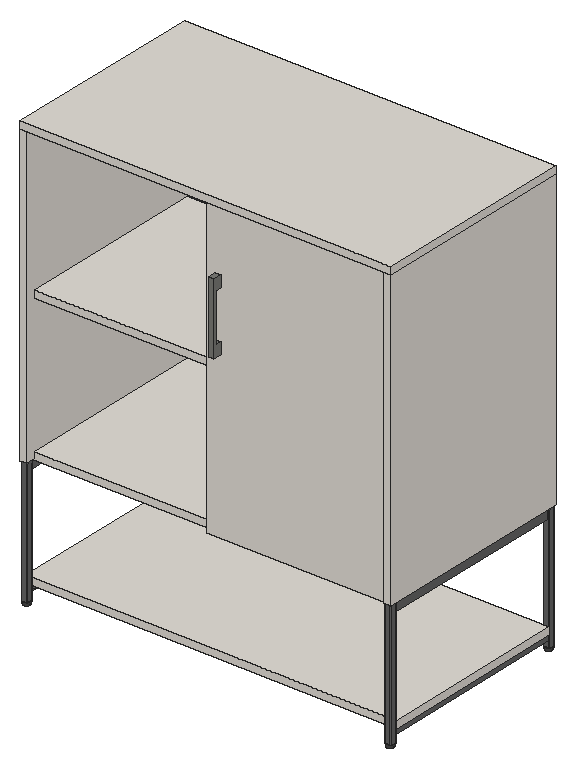
Revit family "Storage-Teknion-LWBOM_Byward_Open_Medium_Tower-R2022", category Furniture, Revit 2022
Family settings
  OmniClass Number = 23.40.20.00
  OmniClass Title = General Furniture and Specialties
  Work Plane-Based = No
  Always vertical = Yes
  Cut with Voids When Loaded = No
  Render Appearance Source = Family Geometry
  Shared = Yes
  Room Calculation Point = No
Parameters (values of type "Left Open, Right Closed")
  Right Rectangular Pull Handle [instance] = and(Right Door Visibility, Rectangular Pull Handle)  # yes
  Right Modern Straight (ADA) Handle [instance] = and(Right Door Visibility, [Modern Straight (ADA) Handle])  # no
  Right Journal Pull Handle [instance] = and(Right Door Visibility, Journal Pull Handle)  # no
  Right Byward Tab Handle [instance] = and(Right Door Visibility, Byward Tab Handle)  # no
  Right Byward Pull Handle [instance] = and(Right Door Visibility, Byward Pull Handle)  # no
  Rectangular Pull Handle [instance] = yes
  Width [instance] = 36.000"
  Warranty = "http://www.teknion.com/ca/papers/legal-canada"
  Unit Weight URL = "http://www.teknion.com/ca/tools/assets#&asset=bee6a381-b954-425e-8283-5a2de3a804f2,f828d448-4b62-4231-9e5f-9a8991c0ed77"
  URL = "www.teknion.com"
  To render please download texture images found here [instance] = "https://assets.teknion.com/web/5e81352c1dfdb467/revit-material-swatches/"
  Sustainability Data = "https://www.teknion.com/ca/tools/assets#&topic=216f99a5-57a0-44fc-b10a-9dee9b29ae4c&asset=444deb64-fe58-4b68-981e-f75e97781df7,b4ff2d81-9f2e-437d-9659-7cffb09c31cf"
  Series = "Byward"  # constant formula
  Right Door Visibility = yes
  Right Door Single Handle = yes
  Right Door Double Handle = yes
  Right Divider Visibility [instance] = yes
  Product Page URL = "https://www.teknion.com/ca/products/all-products"
  Product Line = "Byward"  # constant formula
  Product Documentation Link = "https://www.teknion.com/pricing/byward/pdfs/Byward_Reference_Guide.pdf"
  Part Number = "LWBOM"  # constant formula
  OC = yes
  Modern Straight (ADA) Handle [instance] = no
  Model = "LWBOMOC42_____"
  Metal Leg  & Handle Finish [instance] = Paint - Teknion - Mica - Anthracite
  Manufacturer Phone = "416-661-3370"  # constant formula
  Manufacturer Fax = "416.661.4586"  # constant formula
  Manufacturer Contact Information = "http://www.teknion.com/ca/contactus"
  Manufacturer Address = "1150 Flint Road, Toronto, ON. M3J 2J5. Canada"  # constant formula
  Manufacturer = "Teknion"  # constant formula
  Left Rectangular Pull Handle [instance] = and(Left Door Visibility, Rectangular Pull Handle)  # no
  Left Modern Straight (ADA) Handle [instance] = and(Left Door Visibility, [Modern Straight (ADA) Handle])  # no
  Left Journal Pull Handle [instance] = and(Left Door Visibility, Journal Pull Handle)  # no
  Left Door Visibility = no
  Left Door Single Handle = no
  Left Door Double Handle = no
  Left Divider Visibility [instance] = yes
  Left Byward Tab Handle [instance] = and(Left Door Visibility, Byward Tab Handle)  # no
  Left Byward Pull Handle [instance] = and(Left Door Visibility, Byward Pull Handle)  # no
  Journal Pull Handle [instance] = no
  How To Use Teknion Materials User Guide [instance] = "https://assets.teknion.com/m/205dd0a49fa58060/original/How-to-add-a-Material-Library-and-Texture-Images-to-your-Revit-project.pdf"
  Handle Leather Finish [instance] = Leather-Teknion-B72-Black
  Handle Finish Note [instance] = "If Natural Leather is specified for the Handle Leather Finish, choose Anthracite for the Handle Paint Finish. If Black Leather is specified for the Handle Leather Finish, choose Titanium Grey for the Handle Paint Finish."  # constant formula
  Handle Dim 2 [instance] = if(and(OC, Width = 42.000"), 26.176", if(Width = 42.000", 12.674", if(Width = 36.000", 16.425", if(Width = 30.000", 13.425", 13.425"))))  # 16.425"
  Handle Dim 1 [instance] = if(and(CO, Width = 42.000"), 26.109", if(Width = 42.000", 12.674", if(Width = 36.000", 16.425", if(Width = 30.000", 13.425", 13.425"))))  # 16.425"
  For Additional Finishes please visit [instance] = "https://assets.teknion.com/m/44a8009b046e5d47/original/Teknion_Materials_Library.zip"
  Door Width [instance] = if(Width = 30.000", 14.941", if(Width = 36.000", 17.941", if(Width = 42.000", 14.196", 14.196")))  # 17.941"
  Description = "Byward Open Medium Tower, Left Open, Right Closed"
  Depth [instance] = 20.000"
  Default Elevation = 0.000"
  Case Finish [instance] = Source Laminate - Teknion - XS - Storm White
  CO = no
  Byward Tab Handle [instance] = no
  Byward Pull Handle [instance] = no
  Available Widths [instance] = "30 & 36 inches"  # constant formula
  Available Handle Type [instance] = "Select any Handle Style"  # constant formula
  Available Depth [instance] = "14, 16, 18 & 20 inches"  # constant formula
  Assembly Code = "E2020200"
Reference planes (in)
  plane 1 "Center Front/Back": y = 3.51268
  plane 2: z = 0
  plane 3 "Center Left/Right": x = -0.77793
  plane 4 "Left": x = -18.77793
  plane 5 "Right": x = 17.22207
  plane 6 "Back": y = 13.51268
  plane 7 "Front": y = -6.48732
  plane 8 "Top": z = 42
  plane 9: x = -2.35293
  plane 10: x = -2.95393
  plane 11: x = 9.45287
  plane 12: x = 0.79707
  plane 13 "Handle Hori.": z = 32.85084
Forms (in)
  Sweep 1, solid, material "Paint-Teknion-23-Z-Foundation-Foundry Onyx"
    path origin (-24.27793, 2.96258, 0) x (0, 1, 0) y (0, 0, 1)
      loop
        line (-9.095, 0.325) -> (-9.095, 12.5)
    profile origin (-24.27793, -6.13242, 6.4125) x (0, -1, 0) y (1, 0, 0)
      loop
        arc (-0.3341, 5.621) -> (-0.30774, 5.55736) -> (-0.2441, 5.531) r 0.09
        line (-0.2441, 5.531) -> (0.2009, 5.531)
        arc (0.2009, 5.531) -> (0.26454, 5.55736) -> (0.2909, 5.621) r 0.09
        line (0.2909, 5.621) -> (0.2909, 6.066)
        arc (0.2909, 6.066) -> (0.26454, 6.12964) -> (0.2009, 6.156) r 0.09
        line (0.2009, 6.156) -> (-0.2441, 6.156)
        arc (-0.2441, 6.156) -> (-0.30774, 6.12964) -> (-0.3341, 6.066) r 0.09
        line (-0.3341, 6.066) -> (-0.3341, 5.621)
  Sweep 2, solid, material "Paint-Teknion-23-Z-Foundation-Foundry Onyx"
    path origin (-24.27793, 16.18158, 0) x (0, 1, 0) y (0, 0, 1)
      loop
        line (-3.095, 0.325) -> (-3.095, 12.5)
    profile origin (-24.27793, 13.08658, 6.4125) x (0, -1, 0) y (1, 0, 0)
      loop
        arc (-0.33294, 5.621) -> (-0.30658, 5.55736) -> (-0.24294, 5.531) r 0.09
        line (-0.24294, 5.531) -> (0.20206, 5.531)
        arc (0.20206, 5.531) -> (0.2657, 5.55736) -> (0.29206, 5.621) r 0.09
        line (0.29206, 5.621) -> (0.29206, 6.066)
        arc (0.29206, 6.066) -> (0.2657, 6.12964) -> (0.20206, 6.156) r 0.09
        line (0.20206, 6.156) -> (-0.24294, 6.156)
        arc (-0.24294, 6.156) -> (-0.30658, 6.12964) -> (-0.33294, 6.066) r 0.09
        line (-0.33294, 6.066) -> (-0.33294, 5.621)
  SweptBlend 3, solid, material "Plastic - Teknion - E - Ebony"
    path origin (-0.05902, 1.75264, 0) x (0, 1, 0) y (0, 0, 1)
      loop
        line (11.32677, 0.25) -> (11.32677, 0)
    profile origin (-0.05902, 13.0794, 0.25) x (1, 0, 0) y (0, 1, 0)
      loop
        circle (-18.37927, 0.03854) r 0.376
    end profile origin (-0.05902, 13.0794, 0) x (1, 0, 0) y (0, 1, 0)
      loop
        circle (-18.37837, 0.03829) r 0.336
  SweptBlend 4, solid, material "Plastic - Teknion - E - Ebony"
    path origin (-0.05316, -11.46628, 0) x (0, 1, 0) y (0, 0, 1)
      loop
        line (5.32677, 0.25) -> (5.32677, 0)
    profile origin (-0.05316, -6.13951, 0.25) x (1, 0, 0) y (0, 1, 0)
      loop
        circle (-18.37927, 0.03854) r 0.376
    end profile origin (-0.05316, -6.13951, 0) x (1, 0, 0) y (0, 1, 0)
      loop
        circle (-18.37837, 0.04024) r 0.336
  Sweep 5, solid, material "Paint-Teknion-23-Z-Foundation-Foundry Onyx"
    path origin (-24.1283, 2.98718, 0) x (1, 0, 0) y (0, 1, 0)
      loop
        line (6.87606, 9.9085) -> (6.87606, -8.8855)
    profile origin (-17.25225, 3.49868, 0) x (1, 0, 0) y (0, 0, 1)
      loop
        line (1.19331, 12.366) -> (1.19331, 12.5) -> (-1.07269, 12.5)
        arc (-1.07269, 12.5) -> (-1.23815, 12.43146) -> (-1.30669, 12.266) r 0.234
        line (-1.30669, 12.266) -> (-1.30669, 11.5) -> (-1.17269, 11.5) -> (-1.17269, 12.266)
        arc (-1.17269, 12.266) -> (-1.1434, 12.33671) -> (-1.07269, 12.366) r 0.1
        line (-1.07269, 12.366) -> (1.19331, 12.366)
  Sweep 6, void
    path origin (-24.1283, 3.49868, 0) x (1, 0, 0) y (0, 0, 1)
      loop
        line (6.62168, 12.5) -> (6.62168, 12.366)
    profile origin (-17.50662, 3.49868, 12.433) x (0, -1, 0) y (1, 0, 0)
      loop
        arc (-8.45119, 1.28393) -> (-8.36338, 1.40007) -> (-8.22579, 1.44769) r 0.25028
        line (-8.22579, 1.44769) -> (-9.397, 1.44769) -> (-9.397, -0.67731) -> (-9.172, -0.67731) -> (-8.45119, 1.28393)
      loop
        line (9.172, -0.67731) -> (9.397, -0.67731) -> (9.397, 1.44769) -> (8.22581, 1.44769)
        arc (8.22581, 1.44769) -> (8.36339, 1.40007) -> (8.45119, 1.28393) r 0.25028
        line (8.45119, 1.28393) -> (9.172, -0.67731)
  Sweep 7, solid, material "Paint-Teknion-23-Z-Foundation-Foundry Onyx"
    path origin (-24.27774, 2.98788, 0) x (0, 1, 0) y (0, 0, 1)
      loop
        line (7.118, 0.163) -> (7.118, 0.325)
    profile origin (-24.27774, 10.10588, 0.244) x (0, -1, 0) y (1, 0, 0)
      loop
        circle (-3.01328, 5.83974) r 0.12489
      loop
        circle (-3.01328, 41.15279) r 0.12489
      loop
        circle (16.20575, 5.8456) r 0.12489
      loop
        circle (16.21991, 41.15669) r 0.12489
      loop
        circle (-2.92425, 23.4998) r 0.12498
  Sweep 8, solid, material "Paint-Teknion-23-Z-Foundation-Foundry Onyx"
    path origin (22.57544, 4.01018, 0) x (-1, 0, 0) y (0, -1, 0)
      loop
        line (6.87606, 9.80734) -> (6.87606, -8.7215)
    profile origin (15.69938, 3.46726, 0) x (-1, 0, 0) y (0, 0, 1)
      loop
        line (1.19331, 12.366) -> (1.19331, 12.5) -> (-1.07269, 12.5)
        arc (-1.07269, 12.5) -> (-1.23815, 12.43146) -> (-1.30669, 12.266) r 0.234
        line (-1.30669, 12.266) -> (-1.30669, 11.5) -> (-1.17269, 11.5) -> (-1.17269, 12.266)
        arc (-1.17269, 12.266) -> (-1.1434, 12.33671) -> (-1.07269, 12.366) r 0.1
        line (-1.07269, 12.366) -> (1.19331, 12.366)
  Sweep 9, void
    path origin (22.57544, 3.49868, 0) x (-1, 0, 0) y (0, 0, 1)
      loop
        line (6.62168, 12.5) -> (6.62168, 12.366)
    profile origin (15.95376, 3.49868, 12.433) x (0, 1, 0) y (-1, 0, 0)
      loop
        arc (-8.45119, 1.28393) -> (-8.36338, 1.40007) -> (-8.22579, 1.44769) r 0.25028
        line (-8.22579, 1.44769) -> (-9.397, 1.44769) -> (-9.397, -0.67731) -> (-9.172, -0.67731) -> (-8.45119, 1.28393)
      loop
        line (9.172, -0.67731) -> (9.397, -0.67731) -> (9.397, 1.44769) -> (8.22581, 1.44769)
        arc (8.22581, 1.44769) -> (8.36339, 1.40007) -> (8.45119, 1.28393) r 0.25028
        line (8.45119, 1.28393) -> (9.172, -0.67731)
  Sweep 10, solid, material "Paint-Teknion-23-Z-Foundation-Foundry Onyx"
    path origin (17.03807, 2.96374, 0) x (0, 1, 0) y (0, 0, 1)
      loop
        line (-9.095, 0.325) -> (-9.095, 12.5)
    profile origin (17.03807, -6.13126, 6.4125) x (0, -1, 0) y (1, 0, 0)
      loop
        arc (-0.3341, -0.379) -> (-0.30774, -0.44264) -> (-0.2441, -0.469) r 0.09
        line (-0.2441, -0.469) -> (0.2009, -0.469)
        arc (0.2009, -0.469) -> (0.26454, -0.44264) -> (0.2909, -0.379) r 0.09
        line (0.2909, -0.379) -> (0.2909, 0.066)
        arc (0.2909, 0.066) -> (0.26454, 0.12964) -> (0.2009, 0.156) r 0.09
        line (0.2009, 0.156) -> (-0.2441, 0.156)
        arc (-0.2441, 0.156) -> (-0.30774, 0.12964) -> (-0.3341, 0.066) r 0.09
        line (-0.3341, 0.066) -> (-0.3341, -0.379)
  Sweep 11, solid, material "Paint-Teknion-23-Z-Foundation-Foundry Onyx"
    path origin (17.03807, 16.18274, 0) x (0, 1, 0) y (0, 0, 1)
      loop
        line (-3.095, 0.325) -> (-3.095, 12.5)
    profile origin (17.03807, 13.08774, 6.4125) x (0, -1, 0) y (1, 0, 0)
      loop
        arc (-0.33294, -0.379) -> (-0.30658, -0.44264) -> (-0.24294, -0.469) r 0.09
        line (-0.24294, -0.469) -> (0.20206, -0.469)
        arc (0.20206, -0.469) -> (0.2657, -0.44264) -> (0.29206, -0.379) r 0.09
        line (0.29206, -0.379) -> (0.29206, 0.066)
        arc (0.29206, 0.066) -> (0.2657, 0.12964) -> (0.20206, 0.156) r 0.09
        line (0.20206, 0.156) -> (-0.24294, 0.156)
        arc (-0.24294, 0.156) -> (-0.30658, 0.12964) -> (-0.33294, 0.066) r 0.09
        line (-0.33294, 0.066) -> (-0.33294, -0.379)
  SweptBlend 12, solid, material "Plastic - Teknion - E - Ebony"
    path origin (41.26333, 1.75184, 0) x (0, 1, 0) y (0, 0, 1)
      loop
        line (11.32677, 0.25) -> (11.32677, 0)
    profile origin (41.26333, 13.07861, 0.25) x (1, 0, 0) y (0, 1, 0)
      loop
        circle (-24.38806, 0.04049) r 0.376
    end profile origin (41.26333, 13.07861, 0) x (1, 0, 0) y (0, 1, 0)
      loop
        circle (-24.38618, 0.04219) r 0.336
  SweptBlend 13, solid, material "Plastic - Teknion - E - Ebony"
    path origin (41.25698, -11.46512, 0) x (0, 1, 0) y (0, 0, 1)
      loop
        line (5.32677, 0.25) -> (5.32677, 0)
    profile origin (41.25698, -6.13835, 0.25) x (1, 0, 0) y (0, 1, 0)
      loop
        circle (-24.37537, 0.03659) r 0.37442
    end profile origin (41.25698, -6.13835, 0) x (1, 0, 0) y (0, 1, 0)
      loop
        circle (-24.37446, 0.03633) r 0.33598
  Sweep 14, solid, material "Source Laminate - Teknion - XS - Storm White" <- "Case Finish"
    path origin (-0.77793, 0, 0) x (0, 1, 0) y (0, 0, 1)
      loop
        line (3.51268, 1.5) -> (3.51268, 2.1875)
    profile origin (-0.77793, 3.51268, 1.84375) x (0, -1, 0) y (1, 0, 0)
      loop
        line (-9.219, -18) -> (9.247, -18) -> (9.247, 18) -> (-9.219, 18) -> (-9.219, -18)
  Sweep 15, solid, material "Paint-Teknion-23-Z-Foundation-Foundry Onyx"
    path origin (-16.37619, -7.98982, -11) x (-1, 0, 0) y (0, -1, 0)
      loop
        line (0.87606, -20.8855) -> (0.87606, -2.0915)
    profile origin (-17.25225, 3.49868, -11) x (1, 0, 0) y (0, 0, 1)
      loop
        line (1.19331, 12.366) -> (1.19331, 12.5) -> (-1.07269, 12.5)
        arc (-1.07269, 12.5) -> (-1.23815, 12.43146) -> (-1.30669, 12.266) r 0.234
        line (-1.30669, 12.266) -> (-1.30669, 11.875) -> (-1.17269, 11.875) -> (-1.17269, 12.266)
        arc (-1.17269, 12.266) -> (-1.1434, 12.33671) -> (-1.07269, 12.366) r 0.1
        line (-1.07269, 12.366) -> (1.19331, 12.366)
  Sweep 16, void
    path origin (-24.1283, 3.49868, -11) x (1, 0, 0) y (0, 0, 1)
      loop
        line (6.62168, 12.5) -> (6.62168, 12.366)
    profile origin (-17.50662, 3.49868, 1.433) x (0, -1, 0) y (1, 0, 0)
      loop
        line (9.397, -0.67731) -> (9.397, 1.44769) -> (8.22581, 1.44769)
        arc (8.22581, 1.44769) -> (8.36363, 1.40627) -> (8.45578, 1.29574) r 0.25
        line (8.45578, 1.29574) -> (9.297, -0.67731) -> (9.397, -0.67731)
      loop
        line (-9.397, 1.44769) -> (-9.397, -0.67731) -> (-9.297, -0.67731) -> (-8.45578, 1.29574)
        arc (-8.45578, 1.29574) -> (-8.36363, 1.40627) -> (-8.22581, 1.44769) r 0.25
        line (-8.22581, 1.44769) -> (-9.397, 1.44769)
  Sweep 17, solid, material "Paint-Teknion-23-Z-Foundation-Foundry Onyx"
    path origin (14.82332, 14.98718, -11) x (1, 0, 0) y (0, 1, 0)
      loop
        line (0.87606, -20.8855) -> (0.87606, -2.0915)
    profile origin (15.69938, 3.49868, -11) x (-1, 0, 0) y (0, 0, 1)
      loop
        line (1.19331, 12.366) -> (1.19331, 12.5) -> (-1.07269, 12.5)
        arc (-1.07269, 12.5) -> (-1.23815, 12.43146) -> (-1.30669, 12.266) r 0.234
        line (-1.30669, 12.266) -> (-1.30669, 11.875) -> (-1.17269, 11.875) -> (-1.17269, 12.266)
        arc (-1.17269, 12.266) -> (-1.1434, 12.33671) -> (-1.07269, 12.366) r 0.1
        line (-1.07269, 12.366) -> (1.19331, 12.366)
  Sweep 18, void
    path origin (22.57544, 3.49868, -11) x (-1, 0, 0) y (0, 0, 1)
      loop
        line (6.62168, 12.5) -> (6.62168, 12.366)
    profile origin (15.95376, 3.49868, 1.433) x (0, 1, 0) y (-1, 0, 0)
      loop
        line (9.397, -0.67731) -> (9.397, 1.44769) -> (8.22581, 1.44769)
        arc (8.22581, 1.44769) -> (8.36363, 1.40627) -> (8.45578, 1.29574) r 0.25
        line (8.45578, 1.29574) -> (9.297, -0.67731) -> (9.397, -0.67731)
      loop
        line (-9.397, 1.44769) -> (-9.397, -0.67731) -> (-9.297, -0.67731) -> (-8.45578, 1.29574)
        arc (-8.45578, 1.29574) -> (-8.36363, 1.40627) -> (-8.22581, 1.44769) r 0.25
        line (-8.22581, 1.44769) -> (-9.397, 1.44769)
  Sweep 19, solid, material "Source Laminate - Teknion - XS - Storm White" <- "Case Finish", visible <- "OC"
    path origin (0, 0, 0) x (1, 0, 0) y (0, 1, 0)
      loop
        line (-0.77793, 13.51268) -> (-0.77793, 12.82518)
    profile origin (-0.77793, 13.16893, 0) x (1, 0, 0) y (0, 0, 1)
      loop
        line (17.3125, 41.3125) -> (-0.344, 41.3125) -> (-0.344, 13.1875) -> (17.3125, 13.1875) -> (17.3125, 41.3125)
  Sweep 20, solid, material "Source Laminate - Teknion - XS - Storm White" <- "Case Finish"
    path origin (0, 3.51268, 0) x (1, 0, 0) y (0, 0, 1)
      loop
        line (-0.77793, 26.5625) -> (-0.77793, 27.25)
    profile origin (-0.77793, 3.51268, 26.90625) x (-1, 0, 0) y (0, -1, 0)
      loop
        line (-17.3125, -9.3125) -> (17.312, -9.3125) -> (17.312, 9.17323) -> (-17.3125, 9.17323) -> (-17.3125, -9.3125)
  Sweep 21, solid, material "Source Laminate - Teknion - XS - Storm White" <- "Case Finish"
    path origin (-0.77793, 0, 11) x (0, 1, 0) y (0, 0, 1)
      loop
        line (3.51268, 1.5) -> (3.51268, 2.1875)
    profile origin (-0.77793, 3.51268, 12.84375) x (0, -1, 0) y (1, 0, 0)
      loop
        line (-10, -17.312) -> (9.247, -17.312) -> (9.247, 17.3125) -> (-10, 17.3125) -> (-10, -17.312)
  Sweep 22, solid, material "Source Laminate - Teknion - XS - Storm White" <- "Case Finish"
    path origin (0, 0, 0) x (1, 0, 0) y (0, 1, 0)
      loop
        line (-18.77793, 3.51268) -> (-18.09043, 3.51268)
    profile origin (-18.43418, 3.51268, 0) x (0, 1, 0) y (0, 0, 1)
      loop
        line (10, 41.3125) -> (-10, 41.3125) -> (-10, 12.5) -> (10, 12.5) -> (10, 41.3125)
  Sweep 23, solid, material "Source Laminate - Teknion - XS - Storm White" <- "Case Finish", visible <- "Left Door Visibility"
    path origin (0, 0, 0) x (1, 0, 0) y (0, 1, 0)
      loop
        line (-11.62193, -6.40858) -> (-11.62193, -5.72108)
    profile origin (-11.62193, -6.06483, 0) x (-1, 0, 0) y (0, 0, 1)
      loop
        line (-10.785, 41.2125) -> (-10.785, 12.5) -> (6.3685, 12.5) -> (6.3685, 41.2125) -> (-10.785, 41.2125)
  Sweep 24, solid, material "Source Laminate - Teknion - XS - Storm White" <- "Case Finish", visible <- "Right Door Visibility"
    path origin (27.01667, 0, 0) x (1, 0, 0) y (0, 1, 0)
      loop
        line (-17.62193, -6.40858) -> (-17.62193, -5.72108)
    profile origin (9.39473, -6.06483, 0) x (-1, 0, 0) y (0, 0, 1)
      loop
        line (-7.03983, 41.2125) -> (-7.03983, 12.5) -> (10.11367, 12.5) -> (10.11367, 41.2125) -> (-7.03983, 41.2125)
  Sweep 25, solid, material "Source Laminate - Teknion - XS - Storm White" <- "Case Finish"
    path origin (41.3125, 0, 0) x (1, 0, 0) y (0, 1, 0)
      loop
        line (-24.77793, 3.51268) -> (-24.09043, 3.51268)
    profile origin (16.87832, 3.51268, 0) x (0, 1, 0) y (0, 0, 1)
      loop
        line (10, 41.3125) -> (-10, 41.3125) -> (-10, 12.5) -> (10, 12.5) -> (10, 41.3125)
  Sweep 26, solid, material "Source Laminate - Teknion - XS - Storm White" <- "Case Finish"
    path origin (-0.77793, 0, 39.8125) x (0, 1, 0) y (0, 0, 1)
      loop
        line (3.51268, 1.5) -> (3.51268, 2.1875)
    profile origin (-0.77793, 3.51268, 41.65625) x (0, -1, 0) y (1, 0, 0)
      loop
        line (-10, -18) -> (10, -18) -> (10, 18) -> (-10, 18) -> (-10, -18)
  Sweep 27, solid, material "Source Laminate - Teknion - XS - Storm White" <- "Case Finish"
    path origin (6.41042, 0, 0) x (1, 0, 0) y (0, 1, 0)
      loop
        line (-7.5321, 3.51268) -> (-6.8446, 3.51268)
    profile origin (-0.77793, 3.51268, 0) x (0, 1, 0) y (0, 0, 1)
      loop
        line (9.3125, 41.3125) -> (-9.13476, 41.3125) -> (-9.13476, 13.1875) -> (9.3125, 13.1875) -> (9.3125, 41.3125)
  Sweep 28, solid, material "Paint - Teknion - Mica - Anthracite" <- "Metal Leg  & Handle Finish", visible <- "Left Journal Pull Handle"
    path origin (0.25, 0, 0) x (1, 0, 0) y (0, 1, 0)
      loop
        line (-1.24696, -6.47345) -> (-1.08693, -6.47345)
    profile origin (-0.91694, -6.47345, 0) x (0, 1, 0) y (0, 0, 1)
      loop
        line (-0.72565, 36.17469) -> (-0.72565, 27.82531)
        spline (-0.72565, 27.82531) -> (-0.72292, 27.78358) -> (-0.71476, 27.74256) -> (-0.70132, 27.70296) -> (-0.68282, 27.66545) -> (-0.65959, 27.63068) -> (-0.63202, 27.59923) -> (-0.60058, 27.57166) -> (-0.56581, 27.54842) -> (-0.52831, 27.52992) -> (-0.48871, 27.51648) -> (-0.4477, 27.50832) -> (-0.40597, 27.50559)
        line (-0.40597, 27.50559) -> (0.71134, 27.50559) -> (0.71134, 36.49441) -> (-0.40599, 36.49441)
        spline (-0.40599, 36.49441) -> (-0.44771, 36.49168) -> (-0.48872, 36.48352) -> (-0.52832, 36.47008) -> (-0.56582, 36.45158) -> (-0.60059, 36.42834) -> (-0.63202, 36.40077) -> (-0.65959, 36.36932) -> (-0.68283, 36.33455) -> (-0.70132, 36.29704) -> (-0.71476, 36.25744) -> (-0.72292, 36.21642) -> (-0.72565, 36.17469)
  Sweep 29, solid, material "Paint - Teknion - Mica - Anthracite" <- "Metal Leg  & Handle Finish", visible <- "Right Journal Pull Handle"
    path origin (13.50836, 0, 0) x (1, 0, 0) y (0, 1, 0)
      loop
        line (-14.2273, -6.47345) -> (-14.06727, -6.47345)
    profile origin (-0.63892, -6.47345, 0) x (0, 1, 0) y (0, 0, 1)
      loop
        line (-0.72565, 36.17469) -> (-0.72565, 27.82531)
        spline (-0.72565, 27.82531) -> (-0.72292, 27.78358) -> (-0.71476, 27.74256) -> (-0.70132, 27.70296) -> (-0.68282, 27.66545) -> (-0.65959, 27.63068) -> (-0.63202, 27.59923) -> (-0.60058, 27.57166) -> (-0.56581, 27.54842) -> (-0.52831, 27.52992) -> (-0.48871, 27.51648) -> (-0.4477, 27.50832) -> (-0.40597, 27.50559)
        line (-0.40597, 27.50559) -> (0.71134, 27.50559) -> (0.71134, 36.49441) -> (-0.40599, 36.49441)
        spline (-0.40599, 36.49441) -> (-0.44771, 36.49168) -> (-0.48872, 36.48352) -> (-0.52832, 36.47008) -> (-0.56582, 36.45158) -> (-0.60059, 36.42834) -> (-0.63202, 36.40077) -> (-0.65959, 36.36932) -> (-0.68283, 36.33455) -> (-0.70132, 36.29704) -> (-0.71476, 36.25744) -> (-0.72292, 36.21642) -> (-0.72565, 36.17469)
  Sweep 30, solid, material "Paint - Teknion - Mica - Anthracite" <- "Metal Leg  & Handle Finish", visible <- "Left Rectangular Pull Handle"
    path origin (0, 3.51268, 0) x (1, 0, 0) y (0, 0, 1)
      loop
        line (-1.74139, 35.5) -> (-1.74139, 28.5)
    profile origin (-1.74139, 3.51268, 32) x (0, -1, 0) y (1, 0, 0)
      loop
        line (10.75, -0.5) -> (10.75, 0) -> (10, 0.00655) -> (10, -0.50655) -> (10.75, -0.5)
  Sweep 31, void
    path origin (0, 3.51268, 0) x (1, 0, 0) y (0, 0, 1)
      loop
        line (-1.80484, 29.67539) -> (-1.80484, 34.32461)
    profile origin (-1.80484, 3.51268, 32) x (-1, 0, 0) y (0, -1, 0)
      loop
        line (0.00593, 10.68) -> (0, 10) -> (0.46793, 10) -> (0.46793, 10.55562)
        arc (0.46793, 10.55562) -> (0.24769, 10.65778) -> (0.00593, 10.68) r 0.71197
  Sweep 32, solid, material "Paint - Teknion - Mica - Anthracite" <- "Metal Leg  & Handle Finish", visible <- "Right Rectangular Pull Handle"
    path origin (11.74345, 3.51268, 0) x (1, 0, 0) y (0, 0, 1)
      loop
        line (-10.94639, 35.5) -> (-10.94639, 28.5)
    profile origin (0.79707, 3.51268, 32) x (0, -1, 0) y (1, 0, 0)
      loop
        line (10.75, -0.11187) -> (10, -0.10533) -> (10, -0.61842) -> (10.75, -0.61187) -> (10.75, -0.11187)
  Sweep 33, void
    path origin (11.74345, 3.51268, 0) x (1, 0, 0) y (0, 0, 1)
      loop
        line (-10.94639, 29.67539) -> (-10.94639, 34.32461)
    profile origin (0.79707, 3.51268, 32) x (-1, 0, 0) y (0, -1, 0)
      loop
        arc (0.54231, 10.68) -> (0.30055, 10.65778) -> (0.08031, 10.55562) r 0.71197
        line (0.08031, 10.55562) -> (0.08031, 10) -> (0.54824, 10) -> (0.54231, 10.68)
  Sweep 34, solid, material "Paint - Teknion - Mica - Anthracite" <- "Metal Leg  & Handle Finish", visible <- "Left Modern Straight (ADA) Handle"
    path origin (0, 0, 0) x (1, 0, 0) y (0, 1, 0)
      loop
        line (-2.02793, -7.88594) -> (-2.02793, -6.48732)
    profile origin (-2.02793, -7.18663, 0) x (-1, 0, 0) y (0, 0, 1)
      loop
        arc (0.07877, 28.24016) -> (0.1901, 28.28627) -> (0.23622, 28.39761) r 0.15745
        line (0.23622, 28.39761) -> (0.23622, 35.60239)
        arc (0.23622, 35.60239) -> (0.1901, 35.71373) -> (0.07877, 35.75984) r 0.15745
        line (0.07877, 35.75984) -> (-0.07877, 35.75984)
        arc (-0.07877, 35.75984) -> (-0.1901, 35.71373) -> (-0.23622, 35.60239) r 0.15745
        line (-0.23622, 35.60239) -> (-0.23622, 28.39761)
        arc (-0.23622, 28.39761) -> (-0.1901, 28.28627) -> (-0.07877, 28.24016) r 0.15745
        line (-0.07877, 28.24016) -> (0.07877, 28.24016)
  Sweep 35, void
    path origin (0, 0, 0) x (1, 0, 0) y (0, 1, 0)
      loop
        line (-2.27793, -6.48732) -> (-1.77793, -6.48732)
    profile origin (-2.02793, -6.48732, 0) x (0, 1, 0) y (0, 0, 1)
      loop
        line (-1.02362, 34.6585) -> (-1.02362, 29.3415)
        arc (-1.02362, 29.3415) -> (-0.93865, 29.13636) -> (-0.7335, 29.05138) r 0.29012
        line (-0.7335, 29.05138) -> (0, 29.03858) -> (0, 34.96142) -> (-0.7335, 34.94862)
        arc (-0.7335, 34.94862) -> (-0.93865, 34.86364) -> (-1.02362, 34.6585) r 0.29012
  Sweep 36, solid, material "Paint - Teknion - Mica - Anthracite" <- "Metal Leg  & Handle Finish", visible <- "Right Modern Straight (ADA) Handle"
    path origin (16.002, 0, 0) x (1, 0, 0) y (0, 1, 0)
      loop
        line (-15.52993, -7.88594) -> (-15.52993, -6.48732)
    profile origin (0.47207, -7.18663, 0) x (-1, 0, 0) y (0, 0, 1)
      loop
        arc (0.07877, 28.24016) -> (0.1901, 28.28627) -> (0.23622, 28.39761) r 0.15745
        line (0.23622, 28.39761) -> (0.23622, 35.60239)
        arc (0.23622, 35.60239) -> (0.1901, 35.71373) -> (0.07877, 35.75984) r 0.15745
        line (0.07877, 35.75984) -> (-0.07877, 35.75984)
        arc (-0.07877, 35.75984) -> (-0.1901, 35.71373) -> (-0.23622, 35.60239) r 0.15745
        line (-0.23622, 35.60239) -> (-0.23622, 28.39761)
        arc (-0.23622, 28.39761) -> (-0.1901, 28.28627) -> (-0.07877, 28.24016) r 0.15745
        line (-0.07877, 28.24016) -> (0.07877, 28.24016)
  Sweep 37, void
    path origin (16.002, 0, 0) x (1, 0, 0) y (0, 1, 0)
      loop
        line (-15.77993, -6.48732) -> (-15.27993, -6.48732)
    profile origin (0.47207, -6.48732, 0) x (0, 1, 0) y (0, 0, 1)
      loop
        line (-1.02362, 34.6585) -> (-1.02362, 29.3415)
        arc (-1.02362, 29.3415) -> (-0.93865, 29.13636) -> (-0.7335, 29.05138) r 0.29012
        line (-0.7335, 29.05138) -> (0, 29.03858) -> (0, 34.96142) -> (-0.7335, 34.94862)
        arc (-0.7335, 34.94862) -> (-0.93865, 34.86364) -> (-1.02362, 34.6585) r 0.29012
  Sweep 38, solid, material "Paint-Teknion-23-Z-Foundation-Foundry Onyx"
    path origin (-6.62143, 16.10424, 0) x (0, 1, 0) y (0, 0, 1)
      loop
        line (-3.095, 0.325) -> (-3.095, 12.5)
    profile origin (-6.62143, 13.00924, 6.4125) x (0, -1, 0) y (1, 0, 0)
      loop
        line (-0.33294, 5.531) -> (0.29206, 5.531) -> (0.29206, 6.156) -> (-0.33294, 6.156) -> (-0.33294, 5.531)
  SweptBlend 39, solid, material "Plastic - Teknion - E - Ebony"
    path origin (23.60978, 1.662, 0) x (0, 1, 0) y (0, 0, 1)
      loop
        line (11.32677, 0.25) -> (11.32677, 0)
    profile origin (23.60978, 12.98877, 0.25) x (1, 0, 0) y (0, 1, 0)
      loop
        circle (-24.38771, 0.04049) r 0.376
    end profile origin (23.60978, 12.98877, 0) x (1, 0, 0) y (0, 1, 0)
      loop
        circle (-24.38771, 0.04219) r 0.336
  Sweep 40, solid, material "Source Laminate - Teknion - XS - Storm White" <- "Case Finish", visible <- "CO"
    path origin (-1.55586, 0, 0) x (-1, 0, 0) y (0, -1, 0)
      loop
        line (-0.77793, -13.51268) -> (-0.77793, -12.82518)
    profile origin (-0.77793, 13.16893, 0) x (1, 0, 0) y (0, 0, 1)
      loop
        line (-17.3125, 41.3125) -> (-17.3125, 13.1875) -> (0.344, 13.1875) -> (0.344, 41.3125) -> (-17.3125, 41.3125)
  Sweep 41, solid, material "Paint-Teknion-23-Z-Foundation-Foundry Onyx"
    path origin (0, 3.51268, 0) x (1, 0, 0) y (0, 0, 1)
      loop
        line (-0.77793, 12.44) -> (-0.77793, 12.5)
    profile origin (-0.77793, 3.51268, 12.47) x (-1, 0, 0) y (0, -1, 0)
      loop
        line (0.22515, -9.1445) -> (2.53254, -6.83711) -> (1.86786, -6.17243) -> (0.09988, -7.94041) -> (-0.09988, -7.94041) -> (-1.86786, -6.17243) -> (-2.53254, -6.83711) -> (-0.22515, -9.1445) -> (0.22515, -9.1445)
  Sweep 42, solid, material "Paint-Teknion-23-Z-Foundation-Foundry Onyx"
    path origin (0, 0, 0) x (1, 0, 0) y (0, 1, 0)
      loop
        line (-3.31047, 10.34979) -> (-3.3529, 10.39221)
    profile origin (-3.33169, 10.371, 0) x (-0.707107, -0.707107, 0) y (0, 0, 1)
      loop
        line (0, 12.187) -> (0, 12.5) -> (-3.288, 12.5) -> (-3.288, 11.5) -> (-3.25, 11.5) -> (0, 12.187)
  Sweep 43, solid, material "Paint-Teknion-23-Z-Foundation-Foundry Onyx"
    path origin (-1.55586, 0, 0) x (-1, 0, 0) y (0, -1, 0)
      loop
        line (-3.31047, -10.34979) -> (-3.3529, -10.39221)
    profile origin (1.77582, 10.371, 0) x (-0.707107, 0.707107, 0) y (0, 0, 1)
      loop
        line (0, 12.187) -> (3.25, 11.5) -> (3.288, 11.5) -> (3.288, 12.5) -> (0, 12.5) -> (0, 12.187)
  Sweep 44, solid, material "Paint-Teknion-23-Z-Foundation-Foundry Onyx"
    path origin (0, 3.51268, 0) x (1, 0, 0) y (0, 0, 1)
      loop
        line (-0.77793, 11.5) -> (-0.77793, 12.44)
    profile origin (-0.77793, 3.51268, 11.97) x (-1, 0, 0) y (0, -1, 0)
      loop
        line (-0.22515, -9.1445) -> (-0.25, -9.2045) -> (0.25, -9.2045) -> (0.22515, -9.1445) -> (-0.22515, -9.1445)
  Sweep 45, solid, material "Paint-Teknion-23-Z-Foundation-Foundry Onyx"
    path origin (0, 0, -14) x (1, 0, 0) y (0, 1, 0)
      loop
        line (-3.31047, 10.34979) -> (-3.3529, 10.39221)
    profile origin (-3.33169, 10.371, -14) x (-0.707107, -0.707107, 0) y (0, 0, 1)
      loop
        line (0, 15.187) -> (0, 15.5) -> (-3.288, 15.5) -> (-3.288, 14.5) -> (-3.25, 14.5) -> (0, 15.187)
  Sweep 46, solid, material "Paint-Teknion-23-Z-Foundation-Foundry Onyx"
    path origin (-1.55586, 0, -14) x (-1, 0, 0) y (0, -1, 0)
      loop
        line (-3.31047, -10.34979) -> (-3.3529, -10.39221)
    profile origin (1.77582, 10.371, -14) x (-0.707107, 0.707107, 0) y (0, 0, 1)
      loop
        line (3.26315, 14.49722) -> (3.26315, 15.44) -> (0, 15.44) -> (0, 15.187) -> (3.26315, 14.49722)
  Sweep 47, solid, material "Paint-Teknion-23-Z-Foundation-Foundry Onyx"
    path origin (0, 3.51268, -14) x (1, 0, 0) y (0, 0, 1)
      loop
        line (-0.77793, 14.5) -> (-0.77793, 15.44)
    profile origin (-0.77793, 3.51268, 0.97) x (-1, 0, 0) y (0, -1, 0)
      loop
        line (0.22515, -9.1445) -> (-0.22515, -9.1445) -> (-0.25, -9.2045) -> (0.25, -9.2045) -> (0.22515, -9.1445)
  Sweep 48, solid, material "Paint-Teknion-23-Z-Foundation-Foundry Onyx"
    path origin (0, 3.51268, 0) x (1, 0, 0) y (0, 0, 1)
      loop
        line (-0.77793, 1.44) -> (-0.77793, 1.5)
    profile origin (-0.77793, 3.51268, 1.47) x (-1, 0, 0) y (0, -1, 0)
      loop
        line (0.22515, -9.1445) -> (2.53254, -6.83711) -> (1.86786, -6.17243) -> (0.09988, -7.94041) -> (-0.09988, -7.94041) -> (-1.86786, -6.17243) -> (-2.53254, -6.83711) -> (-0.22515, -9.1445) -> (0.22515, -9.1445)
Cuts and joins
  Sweep 6, Sweep 9 cuts Sweep 1
  Sweep 6, Sweep 9 cuts Sweep 2
  Sweep 6, Sweep 9 cuts Sweep 5
  Sweep 9 cuts Sweep 8
  Sweep 16 cuts Sweep 15
  Sweep 18 cuts Sweep 17
  Sweep 31, Sweep 37 cuts Sweep 30
  Sweep 33 cuts Sweep 32
  Sweep 35, Sweep 37 cuts Sweep 34
  Sweep 37 cuts Sweep 36
Lines and regions (in)
  Masking region 1
    outline origin (0, 0, 0) x (1, 0, 0) y (0, 1, 0)
      loop
        line (-18.77793, 13.51268) -> (-18.77793, -6.48732) -> (17.22207, -6.48732) -> (17.22207, 13.51268) -> (-18.77793, 13.51268)
  Masking region 2, visible <- "Left Modern Straight (ADA) Handle"
    outline origin (0, 0, 0) x (1, 0, 0) y (0, 1, 0)
      loop
        line (-1.79171, -7.88594) -> (-1.79171, -6.48732) -> (-2.26415, -6.48732) -> (-2.26415, -7.88594) -> (-1.79171, -7.88594)
  Masking region 3, visible <- "Right Modern Straight (ADA) Handle"
    outline origin (0, 0, 0) x (1, 0, 0) y (0, 1, 0)
      loop
        line (0.70829, -7.88594) -> (0.70829, -6.48732) -> (0.23585, -6.48732) -> (0.23585, -7.88594) -> (0.70829, -7.88594)
  Masking region 4, visible <- "Left Rectangular Pull Handle"
    outline origin (0, 0, 0) x (1, 0, 0) y (0, 1, 0)
      loop
        line (-2.24139, -7.23732) -> (-1.74139, -7.23732) -> (-1.73484, -6.48732) -> (-2.24793, -6.48732) -> (-2.24139, -7.23732)
  Masking region 5, visible <- "Right Rectangular Pull Handle"
    outline origin (0, 0, 0) x (1, 0, 0) y (0, 1, 0)
      loop
        line (0.6852, -7.23732) -> (0.69174, -6.48732) -> (0.17865, -6.48732) -> (0.1852, -7.23732) -> (0.6852, -7.23732)
  Masking region 6, visible <- "Left Journal Pull Handle"
    outline origin (0, 0, 0) x (1, 0, 0) y (0, 1, 0)
      loop
        line (-0.83693, -7.19911) -> (-0.83693, -5.76211) -> (-0.99696, -5.76211) -> (-0.99696, -7.19911) -> (-0.83693, -7.19911)
  Masking region 7, visible <- "Right Journal Pull Handle"
    outline origin (0, 0, 0) x (1, 0, 0) y (0, 1, 0)
      loop
        line (-0.55891, -7.19911) -> (-0.55891, -5.76211) -> (-0.71893, -5.76211) -> (-0.71893, -7.19911) -> (-0.55891, -7.19911)
  Masking region 8, visible <- "Right Byward Tab Handle"
    outline origin (0, 0, 0) x (1, 0, 0) y (0, 1, 0)
      loop
        line (1.4587, -6.48898) -> (1.31938, -6.48533) -> (1.31053, -6.82307) -> (0.2836, -6.82307) -> (0.27475, -6.48505) -> (0.13584, -6.48869) -> (0.14511, -6.82307)
        arc (0.14511, -6.82307) -> (0.18639, -6.92275) -> (0.28607, -6.96404) r 0.14097
        line (0.28607, -6.96404) -> (1.30877, -6.96404)
        arc (1.30877, -6.96404) -> (1.40861, -6.92269) -> (1.44996, -6.82285) r 0.14119
        line (1.44996, -6.82285) -> (1.4587, -6.48898)
  Masking region 9, visible <- "Right Byward Tab Handle"
    outline origin (0, 0, 0) x (1, 0, 0) y (0, 1, 0)
      loop
        line (1.29707, -7.34575) -> (1.29707, -6.48732) -> (0.29707, -6.48732) -> (0.29707, -7.34575) -> (1.29707, -7.34575)
  Masking region 10, visible <- "Left Byward Tab Handle"
    outline origin (0, 0, 0) x (1, 0, 0) y (0, 1, 0)
      loop
        line (-2.85293, -7.34575) -> (-1.85293, -7.34575) -> (-1.85293, -6.48732) -> (-2.85293, -6.48732) -> (-2.85293, -7.34575)
  Masking region 11, visible <- "Left Byward Pull Handle"
    outline origin (0, 0, 0) x (1, 0, 0) y (0, 1, 0)
      loop
        line (-2.85293, -7.02155) -> (-1.85293, -7.02155) -> (-1.85293, -6.48732) -> (-2.85293, -6.48732) -> (-2.85293, -7.02155)
  Masking region 12, visible <- "Right Byward Pull Handle"
    outline origin (0, 0, 0) x (1, 0, 0) y (0, 1, 0)
      loop
        line (0.13584, -6.48869) -> (0.14511, -6.82307)
        arc (0.14511, -6.82307) -> (0.18639, -6.92275) -> (0.28607, -6.96404) r 0.14097
        line (0.28607, -6.96404) -> (1.30877, -6.96404)
        arc (1.30877, -6.96404) -> (1.40861, -6.92269) -> (1.44996, -6.82285) r 0.14119
        line (1.44996, -6.82285) -> (1.4587, -6.48898) -> (1.31938, -6.48533) -> (1.31053, -6.82307) -> (0.2836, -6.82307) -> (0.27475, -6.48505) -> (0.13584, -6.48869)
  symbolic lines, style "FurnitureHiddenLines", visible <- "Left Door Single Handle"
    curve 1: line (-0.83693, 3.51268, 41.2125) -> (-17.99043, 3.51268, 26.85625)
    curve 2: line (-17.99043, 3.51268, 26.85625) -> (-0.83693, 3.51268, 12.5)
  symbolic lines, style "FurnitureHiddenLines", visible <- "Left Door Double Handle", detail levels medium+fine
    curve 3: line (-0.83693, 3.51268, 41.2125) -> (8.92623, 3.51268, 27.25)
    curve 4: line (8.92623, 3.51268, 27.25) -> (-0.83693, 3.51268, 12.5)
  symbolic lines, style "FurnitureHiddenLines", visible <- "Right Door Double Handle", detail levels medium+fine
    curve 5: line (5.92623, 3.51268, 12.5) -> (-4.4821, 3.51268, 26.85625)
    curve 6: line (-4.4821, 3.51268, 26.85625) -> (5.92623, 3.51268, 41.2125)
  symbolic lines, style "FurnitureHiddenLines", visible <- "Right Door Single Handle", detail levels medium+fine
    curve 7: line (5.92623, 3.51268, 41.2125) -> (16.43457, 3.51268, 26.85625)
    curve 8: line (5.92623, 3.51268, 12.5) -> (16.43457, 3.51268, 26.85625)
  symbolic lines, style "FurnitureHiddenLines", visible <- "Right Door Visibility", detail levels medium+fine
    curve 9: line (-0.71893, -5.72108, 0) -> (-0.71893, -6.40858, 0)
    curve 10: line (-0.71893, -6.40858, 0) -> (19.43457, -6.40858, 0)
    curve 134: line (-0.71893, -5.72108, 0) -> (-0.71893, -6.40858, 0)
    curve 135: line (-0.71893, -6.40858, 0) -> (16.43457, -6.40858, 0)
    curve 136: line (16.43457, -6.40858, 0) -> (16.43457, -5.72108, 0)
    curve 137: line (16.43457, -5.72108, 0) -> (-0.71893, -5.72108, 0)
  symbolic lines, style "FurnitureHiddenLines", not visible, detail levels medium+fine
    curve 11: line (-10.4821, -6.40858, 0) -> (8.92623, -6.40858, 0)
    curve 12: line (8.92623, -5.72108, 0) -> (-10.4821, -5.72108, 0)
  symbolic lines, style "FurnitureHiddenLines", detail levels medium+fine
    curve 13: line (-18.55893, 12.89568, 0) -> (-18.55893, -5.89832, 0)
    curve 14: line (-18.55893, 12.89568, 0) -> (-18.18393, 12.89568, 0)
    curve 15: line (-18.18393, 12.89568, 0) -> (-18.18393, 12.67068, 0)
    curve 16: line (-18.18393, 12.67068, 0) -> (-16.22269, 11.94987, 0)
    curve 17: arc (-16.22269, 11.94987, 0) -> (-16.10655, 11.86206, 0) -> (-16.05893, 11.72447, 0) r 0.25028
    curve 18: line (-16.05893, -4.72713, 0) -> (-16.05893, 11.72447, 0)
    curve 19: line (-18.55893, -5.89832, 0) -> (-18.18393, -5.89832, 0)
    curve 20: line (-18.18393, -5.67332, 0) -> (-18.18393, -5.89832, 0)
    curve 21: line (-16.22269, -4.95251, 0) -> (-18.18393, -5.67332, 0)
    curve 22: arc (-16.05893, -4.72713, 0) -> (-16.10656, -4.86471, 0) -> (-16.22269, -4.95251, 0) r 0.25028
    curve 29: line (14.50607, 11.72449, 0) -> (14.50607, -4.72711, 0)
    curve 30: line (17.00607, 12.89568, 0) -> (16.63107, 12.89568, 0)
    curve 31: line (17.00607, -5.89832, 0) -> (17.00607, 12.89568, 0)
    curve 32: line (16.63107, 12.67068, 0) -> (16.63107, 12.89568, 0)
    curve 33: line (14.66983, 11.94987, 0) -> (16.63107, 12.67068, 0)
    curve 34: arc (14.50607, 11.72449, 0) -> (14.55369, 11.86207, 0) -> (14.66983, 11.94987, 0) r 0.25028
    curve 35: line (17.00607, -5.89832, 0) -> (16.63107, -5.89832, 0)
    curve 36: line (16.63107, -5.67332, 0) -> (14.66983, -4.95251, 0)
    curve 37: line (16.63107, -5.89832, 0) -> (16.63107, -5.67332, 0)
    curve 38: arc (14.66983, -4.95251, 0) -> (14.55369, -4.8647, 0) -> (14.50607, -4.72711, 0) r 0.25028
    curve 57: line (-18.65693, 12.79452, 0) -> (-18.21193, 12.79452, 0)
    curve 58: line (-18.74693, 13.32952, 0) -> (-18.74693, 12.88452, 0)
    curve 59: line (-18.21193, 13.41952, 0) -> (-18.65693, 13.41952, 0)
    curve 60: line (-18.12193, 12.88452, 0) -> (-18.12193, 13.32952, 0)
    curve 61: arc (-18.21193, 13.41952, 0) -> (-18.14829, 13.39316, 0) -> (-18.12193, 13.32952, 0) r 0.09
    curve 62: arc (-18.74693, 13.32952, 0) -> (-18.72057, 13.39316, 0) -> (-18.65693, 13.41952, 0) r 0.09
    curve 63: arc (-18.65693, 12.79452, 0) -> (-18.72057, 12.82088, 0) -> (-18.74693, 12.88452, 0) r 0.09
    curve 64: arc (-18.12193, 12.88452, 0) -> (-18.14829, 12.82088, 0) -> (-18.21193, 12.79452, 0) r 0.09
    curve 65: line (17.10407, 13.42068, 0) -> (16.65907, 13.42068, 0)
    curve 66: arc (16.65907, 13.42068, 0) -> (16.59543, 13.39432, 0) -> (16.56907, 13.33068, 0) r 0.09
    curve 67: line (16.56907, 13.33068, 0) -> (16.56907, 12.88568, 0)
    curve 68: arc (16.56907, 12.88568, 0) -> (16.59543, 12.82204, 0) -> (16.65907, 12.79568, 0) r 0.09
    curve 69: line (16.65907, 12.79568, 0) -> (17.10407, 12.79568, 0)
    curve 70: arc (17.10407, 12.79568, 0) -> (17.16771, 12.82204, 0) -> (17.19407, 12.88568, 0) r 0.09
    curve 71: line (17.19407, 12.88568, 0) -> (17.19407, 13.33068, 0)
    curve 72: arc (17.19407, 13.33068, 0) -> (17.16771, 13.39432, 0) -> (17.10407, 13.42068, 0) r 0.09
    curve 73: line (16.56907, -5.88716, 0) -> (16.56907, -6.33216, 0)
    curve 74: arc (16.56907, -6.33216, 0) -> (16.59543, -6.3958, 0) -> (16.65907, -6.42216, 0) r 0.09
    curve 75: line (16.65907, -6.42216, 0) -> (17.10407, -6.42216, 0)
    curve 76: arc (17.10407, -6.42216, 0) -> (17.16771, -6.3958, 0) -> (17.19407, -6.33216, 0) r 0.09
    curve 77: line (17.19407, -6.33216, 0) -> (17.19407, -5.88716, 0)
    curve 78: arc (17.19407, -5.88716, 0) -> (17.16771, -5.82352, 0) -> (17.10407, -5.79716, 0) r 0.09
    curve 79: line (17.10407, -5.79716, 0) -> (16.65907, -5.79716, 0)
    curve 80: arc (16.65907, -5.79716, 0) -> (16.59543, -5.82352, 0) -> (16.56907, -5.88716, 0) r 0.09
    curve 81: line (-18.74693, -5.88832, 0) -> (-18.74693, -6.33332, 0)
    curve 82: line (-18.21193, -5.79832, 0) -> (-18.65693, -5.79832, 0)
    curve 83: line (-18.12193, -6.33332, 0) -> (-18.12193, -5.88832, 0)
    curve 84: line (-18.65693, -6.42332, 0) -> (-18.21193, -6.42332, 0)
    curve 85: arc (-18.65693, -6.42332, 0) -> (-18.72057, -6.39696, 0) -> (-18.74693, -6.33332, 0) r 0.09
    curve 86: arc (-18.21193, -5.79832, 0) -> (-18.14829, -5.82468, 0) -> (-18.12193, -5.88832, 0) r 0.09
    curve 87: arc (-18.12193, -6.33332, 0) -> (-18.14829, -6.39696, 0) -> (-18.21193, -6.42332, 0) r 0.09
    curve 88: arc (-18.74693, -5.88832, 0) -> (-18.72057, -5.82468, 0) -> (-18.65693, -5.79832, 0) r 0.09
    curve 89: line (-18.09043, -6.48732, 0) -> (-18.09043, 13.51268, 0)
    curve 90: line (-18.09043, 13.51268, 0) -> (-18.77793, 13.51268, 0)
    curve 91: line (-18.77793, 13.51268, 0) -> (-18.77793, -6.48732, 0)
    curve 92: line (-18.77793, -6.48732, 0) -> (-18.09043, -6.48732, 0)
    curve 93: line (16.53457, 13.51268, 0) -> (16.53457, -6.48732, 0)
    curve 94: line (16.53457, -6.48732, 0) -> (17.22207, -6.48732, 0)
    curve 95: line (17.22207, -6.48732, 0) -> (17.22207, 13.51268, 0)
    curve 96: line (17.22207, 13.51268, 0) -> (16.53457, 13.51268, 0)
    curve 97: line (-1.12168, 12.82518, 0) -> (-1.12168, -5.62208, 0)
    curve 98: line (-1.12168, -5.62208, 0) -> (-0.43418, -5.62208, 0)
    curve 99: line (-0.43418, -5.62208, 0) -> (-0.43418, 12.82518, 0)
    curve 106: line (-0.46543, 13.34218, 0) -> (-1.09043, 13.34218, 0)
    curve 107: line (-1.09043, 13.34218, 0) -> (-1.09043, 12.71718, 0)
    curve 108: line (-1.09043, 12.71718, 0) -> (-0.46543, 12.71718, 0)
    curve 109: line (-0.46543, 12.71718, 0) -> (-0.46543, 13.34218, 0)
    curve 110: line (-2.64579, 9.68511, 0) -> (-0.87781, 11.45309, 0)
    curve 111: line (-0.87781, 11.45309, 0) -> (-0.67806, 11.45309, 0)
    curve 112: line (-0.67806, 11.45309, 0) -> (1.08993, 9.68511, 0)
    curve 113: line (1.08993, 9.68511, 0) -> (1.75461, 10.34979, 0)
    curve 114: line (1.75461, 10.34979, 0) -> (-0.55279, 12.65718, 0)
    curve 115: line (-0.55279, 12.65718, 0) -> (-1.00308, 12.65718, 0)
    curve 116: line (-1.00308, 12.65718, 0) -> (-3.31047, 10.34979, 0)
    curve 117: line (-3.31047, 10.34979, 0) -> (-2.64579, 9.68511, 0)
    curve 118: line (-1.02793, 12.71718, 0) -> (-3.3529, 10.39221, 0)
    curve 119: line (1.79703, 10.39221, 0) -> (-0.52793, 12.71718, 0)
    curve 120: line (-3.3529, 10.39221, 0) -> (-3.31047, 10.34979, 0)
    curve 121: line (1.75461, 10.34979, 0) -> (1.79703, 10.39221, 0)
    curve 122: line (-0.98551, 12.67475, 0) -> (-1.02793, 12.71718, 0)
    curve 123: line (-0.52793, 12.71718, 0) -> (-0.57036, 12.67475, 0)
    curve 128: line (-18.77793, -5.73432, 0) -> (17.22207, -5.73432, 0)
    curve 129: line (17.22207, 12.73168, 0) -> (-18.77793, 12.73168, 0)
  symbolic lines, style "FurnitureHiddenLines", detail levels fine
    curve 23: arc (-18.438, 13.24405, 0) -> (-18.56289, 13.11916, 0) -> (-18.438, 12.99427, 0) r 0.12489
    curve 24: arc (-18.438, 12.99427, 0) -> (-18.31311, 13.11916, 0) -> (-18.438, 13.24405, 0) r 0.12489
    curve 25: arc (-18.77339, 13.11769, 0) -> (-18.43739, 13.45369, 0) -> (-18.10139, 13.11769, 0) r 0.336
    curve 26: arc (-18.10139, 13.11769, 0) -> (-18.43739, 12.78169, 0) -> (-18.77339, 13.11769, 0) r 0.336
    curve 27: arc (-18.06229, 13.11795, 0) -> (-18.43829, 13.49395, 0) -> (-18.81429, 13.11795, 0) r 0.376
    curve 28: arc (-18.81429, 13.11795, 0) -> (-18.43829, 12.74195, 0) -> (-18.06229, 13.11795, 0) r 0.376
    curve 39: arc (16.87505, 12.99427, 0) -> (16.75016, 13.11916, 0) -> (16.87505, 13.24405, 0) r 0.12489
    curve 40: arc (16.87505, 13.24405, 0) -> (16.99994, 13.11916, 0) -> (16.87505, 12.99427, 0) r 0.12489
    curve 41: arc (16.54115, 13.1208, 0) -> (16.87715, 13.4568, 0) -> (17.21315, 13.1208, 0) r 0.336
    curve 42: arc (17.21315, 13.1208, 0) -> (16.87715, 12.7848, 0) -> (16.54115, 13.1208, 0) r 0.336
    curve 43: arc (16.49927, 13.1191, 0) -> (16.87527, 12.7431, 0) -> (17.25127, 13.1191, 0) r 0.376
    curve 44: arc (17.25127, 13.1191, 0) -> (16.87527, 13.4951, 0) -> (16.49927, 13.1191, 0) r 0.376
    curve 45: arc (16.87896, -6.23892, 0) -> (17.00385, -6.11403, 0) -> (16.87896, -5.98914, 0) r 0.12489
    curve 46: arc (16.87896, -5.98914, 0) -> (16.75407, -6.11403, 0) -> (16.87896, -6.23892, 0) r 0.12489
    curve 47: arc (16.54654, -6.10202, 0) -> (16.88252, -5.76604, 0) -> (17.2185, -6.10202, 0) r 0.33598
    curve 48: arc (17.2185, -6.10202, 0) -> (16.88252, -6.438, 0) -> (16.54654, -6.10202, 0) r 0.33598
    curve 49: arc (16.50719, -6.10176, 0) -> (16.88161, -6.47619, 0) -> (17.25603, -6.10176, 0) r 0.37442
    curve 50: arc (17.25603, -6.10176, 0) -> (16.88161, -5.72734, 0) -> (16.50719, -6.10176, 0) r 0.37442
    curve 51: arc (-18.43214, -6.22476, 0) -> (-18.30725, -6.09987, 0) -> (-18.43214, -5.97498, 0) r 0.12489
    curve 52: arc (-18.43214, -5.97498, 0) -> (-18.55703, -6.09987, 0) -> (-18.43214, -6.22476, 0) r 0.12489
    curve 53: arc (-18.09553, -6.09927, 0) -> (-18.43153, -6.43527, 0) -> (-18.76753, -6.09927, 0) r 0.336
    curve 54: arc (-18.80843, -6.10097, 0) -> (-18.43243, -6.47697, 0) -> (-18.05643, -6.10097, 0) r 0.376
    curve 55: arc (-18.76753, -6.09927, 0) -> (-18.43153, -5.76327, 0) -> (-18.09553, -6.09927, 0) r 0.336
    curve 56: arc (-18.05643, -6.10097, 0) -> (-18.43243, -5.72497, 0) -> (-18.80843, -6.10097, 0) r 0.376
    curve 100: arc (-0.77793, 13.15512, 0) -> (-0.90291, 13.03014, 0) -> (-0.77793, 12.90515, 0) r 0.12498
    curve 101: arc (-0.77793, 12.90515, 0) -> (-0.65295, 13.03014, 0) -> (-0.77793, 13.15512, 0) r 0.12498
    curve 102: arc (-1.11393, 13.03096, 0) -> (-0.77793, 13.36696, 0) -> (-0.44193, 13.03096, 0) r 0.336
    curve 103: arc (-0.44193, 13.03096, 0) -> (-0.77793, 12.69496, 0) -> (-1.11393, 13.03096, 0) r 0.336
    curve 104: arc (-1.15393, 13.02926, 0) -> (-0.77793, 12.65326, 0) -> (-0.40193, 13.02926, 0) r 0.376
    curve 105: arc (-0.40193, 13.02926, 0) -> (-0.77793, 13.40526, 0) -> (-1.15393, 13.02926, 0) r 0.376
  symbolic lines, style "FurnitureHiddenLines", visible <- "OC", detail levels medium+fine
    curve 124: line (-1.12193, 13.51268, 0) -> (-1.12193, 12.82518, 0)
    curve 127: line (-1.12193, 12.82518, 0) -> (16.53457, 12.82518, 0)
  symbolic lines, style "FurnitureHiddenLines", visible <- "CO", detail levels medium+fine
    curve 125: line (-0.43393, 12.82518, 0) -> (-0.43393, 13.51268, 0)
    curve 126: line (-18.09043, 12.82518, 0) -> (-0.43418, 12.82518, 0)
  symbolic lines, style "FurnitureHiddenLines", visible <- "Left Door Visibility", detail levels medium+fine
    curve 130: line (-17.99043, -5.72108, 0) -> (-17.99043, -6.40858, 0)
    curve 131: line (-17.99043, -6.40858, 0) -> (-0.83693, -6.40858, 0)
    curve 132: line (-0.83693, -6.40858, 0) -> (-0.83693, -5.72108, 0)
    curve 133: line (-0.83693, -5.72108, 0) -> (-17.99043, -5.72108, 0)
Dimensions and locks (in)
  "Width": plane 4 "Left" to plane 5 "Right"
  "Depth": plane 6 "Back" to plane 7 "Front"
  plane 8 "Top" to level = 42.000"
  equal spacing: plane 7 "Front", plane 1 "Center Front/Back", plane 6 "Back"
  equal spacing: plane 4 "Left", plane 3 "Center Left/Right", plane 5 "Right"
  Sweep 1 sketch curve to Sweep 1 sketch curve to level = 12.175" locked, 0.325" locked
  Sweep 2 sketch curve to Sweep 2 sketch curve to level = 12.175" locked, 0.325" locked
  plane 4 "Left" to Sweep 2 sketch curve to Sweep 2 sketch curve to Sweep 2 sketch curve to Sweep 2 sketch curve to Sweep 2 sketch curve to Sweep 2 sketch curve = 0.031" locked, 0.090" locked, 0.000" locked, 0.445" locked, 0.000" locked, 0.090" locked
  plane 6 "Back" to Sweep 2 sketch curve to Sweep 2 sketch curve to Sweep 2 sketch curve to Sweep 2 sketch curve to Sweep 2 sketch curve to Sweep 2 sketch curve = 0.09316" locked, 0.090" locked, 0.000" locked, 0.445" locked, 0.000" locked, 0.090" locked
  plane 4 "Left" to Sweep 1 sketch curve to Sweep 1 sketch curve to Sweep 1 sketch curve to Sweep 1 sketch curve to Sweep 1 sketch curve to Sweep 1 sketch curve = 0.031" locked, 0.090" locked, 0.000" locked, 0.445" locked, 0.000" locked, 0.090" locked
  plane 7 "Front" to Sweep 1 sketch curve to Sweep 1 sketch curve to Sweep 1 sketch curve to Sweep 1 sketch curve to Sweep 1 sketch curve = 0.064" locked, 0.090" locked, 0.445" locked, 0.000" locked, 0.090" locked
  plane 4 "Left" to Sweep 5 sketch curve to Sweep 5 sketch curve to Sweep 5 sketch curve to Sweep 5 sketch curve to Sweep 5 sketch curve = 0.219" locked, 0.134" locked, 0.100" locked, 0.000" locked, 2.266" locked
  Sweep 5 sketch curve to Sweep 5 sketch curve to Sweep 5 sketch curve to level = 0.134" locked, 0.866" locked, 11.500" locked
  Sweep 6 sketch curve to Sweep 6 sketch curve to level = 0.134" locked, 12.366" locked
  plane 4 "Left" to Sweep 6 sketch curve to Sweep 6 sketch curve to Sweep 6 sketch curve to Sweep 6 sketch curve to Sweep 6 sketch curve to Sweep 6 sketch curve to Sweep 6 sketch curve to Sweep 6 sketch curve = 0.594" locked, 0.000" locked, 1.8749" locked, 0.000" locked, 0.08634" locked, 0.000" locked, 0.16376" locked, 0.000" locked
  plane 7 "Front" to Sweep 6 sketch curve to Sweep 6 sketch curve to Sweep 6 sketch curve to Sweep 6 sketch curve = 0.589" locked, 0.225" locked, 0.94619" locked, 0.00954" locked
  plane 6 "Back" to Sweep 6 sketch curve to Sweep 6 sketch curve to Sweep 6 sketch curve to Sweep 6 sketch curve = 0.617" locked, 0.225" locked, 0.94621" locked, 0.00952" locked
  Sweep 7 sketch curve to Sweep 7 sketch curve to level = 0.162" locked, 0.163" locked
  plane 6 "Back" to Sweep 7 sketch curve to Sweep 7 sketch curve = 0.39352" locked, 0.000" locked
  plane 4 "Left" to Sweep 7 sketch curve to Sweep 7 sketch curve = 0.33993" locked, 0.00586" locked
  Sweep 7 sketch curve to Sweep 7 sketch curve to plane 7 "Front" = 0.01416" locked, 0.37329" locked
  Sweep 7 sketch curve to Sweep 7 sketch curve to plane 5 "Right" = 0.00391" locked, 0.34311" locked
  plane 5 "Right" to Sweep 8 sketch curve to Sweep 8 sketch curve to Sweep 8 sketch curve to Sweep 8 sketch curve to Sweep 8 sketch curve = 0.216" locked, 0.134" locked, 0.100" locked, 0.000" locked, 2.266" locked
  Sweep 8 sketch curve to Sweep 8 sketch curve to Sweep 8 sketch curve to level = 0.134" locked, 0.866" locked, 11.500" locked
  Sweep 9 sketch curve to Sweep 9 sketch curve to level = 0.134" locked, 12.366" locked
  plane 5 "Right" to Sweep 9 sketch curve to Sweep 9 sketch curve to Sweep 9 sketch curve to Sweep 9 sketch curve to Sweep 9 sketch curve to Sweep 9 sketch curve to Sweep 9 sketch curve to Sweep 9 sketch curve = 0.591" locked, 0.000" locked, 1.8749" locked, 0.000" locked, 0.08634" locked, 0.000" locked, 0.16376" locked, 0.000" locked
  plane 6 "Back" to Sweep 9 sketch curve to Sweep 9 sketch curve to Sweep 9 sketch curve to Sweep 9 sketch curve = 0.617" locked, 0.225" locked, 0.94619" locked, 0.00954" locked
  plane 7 "Front" to Sweep 9 sketch curve to Sweep 9 sketch curve to Sweep 9 sketch curve to Sweep 9 sketch curve = 0.589" locked, 0.225" locked, 0.94621" locked, 0.00952" locked
  Sweep 10 sketch curve to Sweep 10 sketch curve to level = 12.175" locked, 0.325" locked
  Sweep 11 sketch curve to Sweep 11 sketch curve to level = 12.175" locked, 0.325" locked
  Sweep 11 sketch curve to Sweep 11 sketch curve to Sweep 11 sketch curve to Sweep 11 sketch curve to Sweep 11 sketch curve to Sweep 11 sketch curve to plane 5 "Right" = 0.090" locked, 0.000" locked, 0.445" locked, 0.000" locked, 0.090" locked, 0.028" locked
  plane 6 "Back" to Sweep 11 sketch curve to Sweep 11 sketch curve to Sweep 11 sketch curve to Sweep 11 sketch curve to Sweep 11 sketch curve to Sweep 11 sketch curve = 0.092" locked, 0.090" locked, 0.000" locked, 0.445" locked, 0.000" locked, 0.090" locked
  Sweep 10 sketch curve to Sweep 10 sketch curve to Sweep 10 sketch curve to Sweep 10 sketch curve to Sweep 10 sketch curve to Sweep 10 sketch curve to plane 5 "Right" = 0.090" locked, 0.000" locked, 0.445" locked, 0.000" locked, 0.090" locked, 0.028" locked
  plane 7 "Front" to Sweep 10 sketch curve to Sweep 10 sketch curve to Sweep 10 sketch curve to Sweep 10 sketch curve to Sweep 10 sketch curve = 0.06516" locked, 0.090" locked, 0.445" locked, 0.000" locked, 0.090" locked
  locked: SweptBlend 12 sketch curve to plane 5 "Right" at 0.3468
  locked: plane 6 "Back" to SweptBlend 12 sketch curve at 0.39358
  locked: SweptBlend 12 sketch curve to plane 5 "Right" at 0.34492
  locked: plane 6 "Back" to SweptBlend 12 sketch curve at 0.39188
  locked: SweptBlend 13 sketch curve to plane 5 "Right" at 0.33955
  locked: plane 7 "Front" to SweptBlend 13 sketch curve at 0.3853
  locked: SweptBlend 13 sketch curve to plane 5 "Right" at 0.34045
  locked: plane 7 "Front" to SweptBlend 13 sketch curve at 0.38556
  plane 4 "Left" to Sweep 15 sketch curve to Sweep 15 sketch curve to Sweep 15 sketch curve to Sweep 15 sketch curve to Sweep 15 sketch curve = 0.219" locked, 0.134" locked, 0.100" locked, 0.000" locked, 2.266" locked
